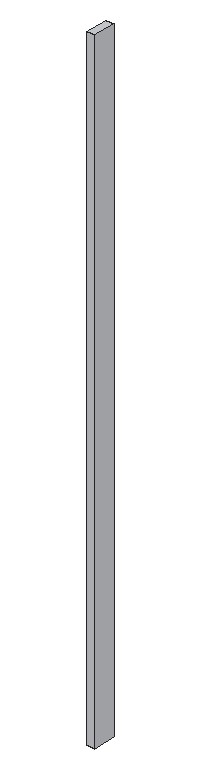
Revit family
Parameters
  PILASTRO_largh = PILASTRO_SezRes / 3  # 10.0 cm
  PILASTRO_asse = PILASTRO_SezRes / 2  # 15.0 cm
  PILASTRO_altezza = 800.0 cm  # constant formula
  PILASTRO_SezRes = 30.0 cm  # constant formula
  INTERASSE = 800.0 cm  # constant formula
  INCLINATA_falda = 12.00°  # constant formula
Reference planes (cm)
  plane 1 "Centro (Fronte/Retro)": y = 0
  plane 2: z = 0
  plane 3 "Centro (Sinistra/Destra)": x = 0
  plane 4: x = 10
  plane 5: y = -30
  plane 6: y = -15
  plane 7: z = 800
  plane 8: z = 785
  plane 9: y = -815
  plane 10: z = 15
  plane 11: through (426.72, -15, 785) normal (0, 0.2079, -0.9781)
  plane 12: through (426.72, -815, 15) normal (0, -0.9781, -0.2079)
Forms (cm)
  Extrusion 1, solid
    sketch origin (0, 0, 0) x (1, 0, 0) y (0, 1, 0)
      loop
        line (0, -30) -> (10, -30) -> (10, 0) -> (0, 0) -> (0, -30)
    from 0 to 800
Lines and regions (cm)
  model lines
    curve 1: line (0, 0, 0) -> (10, 0, 0)
    curve 2: line (10, 0, 0) -> (10, -30, 0)
    curve 3: line (10, -30, 0) -> (0, -30, 0)
    curve 4: line (0, -30, 0) -> (0, 0, 0)
Dimensions and locks (cm)
  "PILASTRO_largh": plane 3 "Centro (Sinistra/Destra)" to plane 4
  "PILASTRO_asse": plane 6 to plane 1 "Centro (Fronte/Retro)"
  "PILASTRO_SezRes": plane 5 to plane 1 "Centro (Fronte/Retro)"
  "PILASTRO_altezza": plane 7 to level
  "PILASTRO_asse": plane 8 to plane 7
  "INTERASSE": plane 9 to plane 6
  "PILASTRO_asse": plane 10 to plane 2
  "INCLINATA_falda": angle plane 8 to plane 11
  "INCLINATA_falda": angle plane 9 to plane 12
  aligned and locked: Extrusion 1 sketch curve to curve 4
  aligned and locked: Extrusion 1 sketch curve to curve 1
  aligned and locked: Extrusion 1 sketch curve to curve 2
  aligned and locked: Extrusion 1 sketch curve to curve 3
  aligned and locked: Extrusion 1 to plane 7
Automatic sketch dimensions
  curve 4 to plane 1 "Centro (Fronte/Retro)" = 0.0 cm
  curve 4 to plane 3 "Centro (Sinistra/Destra)" = 0.0 cm
  curve 3 to plane 4 = 0.0 cm
  curve 3 to plane 5 = 0.0 cm
